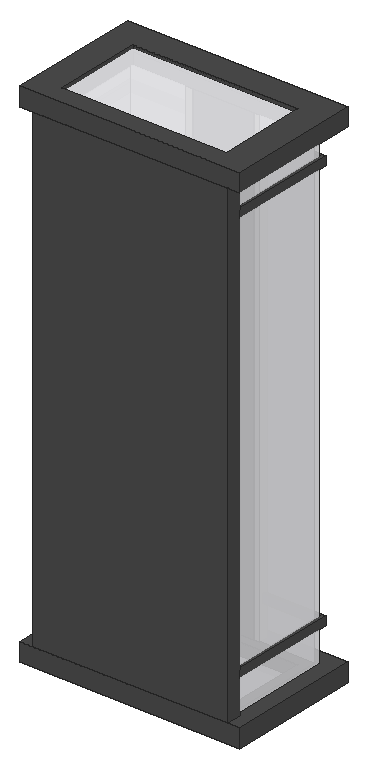
Revit family "TLI - Allegro W RND - Wall", category Lighting Fixtures, host Wall, Revit 2012
Parameters (values of type "Biax 4-Pin 2 -  39W - 177V")
  Width = 0' - 9"
  Wet Location [instance] = yes
  Watts = 78 W
  Wattage = 38.373 W
  built-in parameter 1150110 = 1 (stored number, unit not read)
  Voltage = 277 V
  URL = "http://teronlighting.com/"
  built-in parameter 1114217 = 0.81 (stored number, unit not read)
  Tilt Angle = 0.00°
  built-in parameter 1150109 = 1 (stored number, unit not read)
  built-in parameter 1150134 = (empty or 0)
  Tamper Resistant Screws [instance] = no
  built-in parameter 1150113 = 1 (stored number, unit not read)
  Requires Special Disposal = no
  Remote Battery = no
  Product Page URL = "http://teronlighting.com/products/allegro-rnd/"
  Product Documentation URL = "http://teronlighting.com/wp-content/uploads/Allegro-W-RND.pdf"
  Product = "Allegro W RND"
  Point of Final Manufacture = "Fairfield, OH, USA"
  Photometric Web File = "generic.ies"
  Percentage Pre-Consumer = 0
  Percentage Post-Consumer = 0
  Number of Lamps = 2
  built-in parameter 1150142 = (empty or 0)
  Multi-Tap Ballast [instance] = no
  Mounting Type = "4\" Junction Box"
  Model = "ALLW - RND - F239E"
  MasterFormat 2004 Title = "Exterior Lighting"
  MasterFormat 2004 Number = "26.56.00"
  Manufacturer Telephone = "01-513-858-6004"
  Manufacturer Email = "sales@teronlight.com"
  Manufacturer Address = "33 Donald Drive Fairfield, OH 45014"
  Manufacturer = "Teron Lighting"
  Lumens = 5700 lm
  built-in parameter 1150115 = 1 (stored number, unit not read)
  built-in parameter 1150105 = 453.59 (stored number, unit not read)
  built-in parameter 1150137 = (empty or 0)
  built-in parameter 1150139 = 0.81 (stored number, unit not read)
  Length = 1' - 9 1/8"
  built-in parameter 1150112 = 1 (stored number, unit not read)
  built-in parameter 1150114 = 1 (stored number, unit not read)
  Lamp Base = "4-Pin"
  Lamp = "2 - 39W BIAX"
  Integral Battery = no
  built-in parameter 1150132 = 2
  built-in parameter 1150102 = 3600
  built-in parameter 1150138 = 4100 (stored number, unit not read)
  built-in parameter 1150107 = 4100 (stored number, unit not read)
  Industry Standards = "Buy America Act"
  built-in parameter 1150106 = 4.5359 (stored number, unit not read)
  Fused [instance] = no
  Fixture Material = Paint - TLI - Textured Black
  Fixture = "Aluminum"
  Finish = "Textured Black"
  Fascia Material = Paint - TLI - Matte Silver
  Emergency Light Fixture [instance] = no
  Electronic Ballast [instance] = yes
  built-in parameter 1150104 = 13.8 (stored number, unit not read)
  Distributor Locations = "USA, Canada, Puerto Rico"
  Dimming Lamp Color Temperature Shift = <None>
  Dimming Ballast [instance] = no
  Diffuser Material = Acrylic - TLI - Luminous White
  Diffuser = "Luminous White Acrylic"
  Description = "Architectectural Outdoor"
  Depth = 0' - 5 1/2"
  Date Created = "7.2.2012"
  Created By = "RenderSpec  http://rederspec.com"
  Cost = 0
  Conditions of Use = "Elements are representations. Color and detail may differ from actual product. Information is for general use and should be reviewed by a Professional."
  Color Filter = 16777215
  built-in parameter 1114218 = 1 (stored number, unit not read)
  built-in parameter 1150133 = 10 (stored number, unit not read)
  Apparent Load = 78 VA
  Amps = 1
  ADA Compliant = no
Types (6): name | Watts | Wattage | Voltage | Number of Lamps | Model | Lumens | built-in parameter 1150105 | Lamp | built-in parameter 1150106 | Apparent Load
  Biax 4-Pin 2 -  27W - 120V | 54 W | 24.2356 W | 120 V | 2 | "ALLW - RND - F227E" | 3600 lm | 286.48 (stored number, unit not read) | "2 - 27W BIAX" | 2.8648 (stored number, unit not read) | 54 VA
  Biax 4-Pin 2 -  27W - 277V | 54 W | 24.2356 W | 277 V | 2 | "ALLW - RND - F227E" | 3600 lm | 286.48 (stored number, unit not read) | "2 - 27W BIAX" | 2.8648 (stored number, unit not read) | 54 VA
  Biax 4-Pin 1 -  39W - 120V | 39 W | 19.1865 W | 120 V | 1 | "ALLW - RND - F139E" | 2850 lm | 226.8 (stored number, unit not read) | "1 - 39W BIAX" | 2.268 (stored number, unit not read) | 39 VA
  Biax 4-Pin 1 -  39W - 277V | 39 W | 19.1865 W | 277 V | 1 | "ALLW - RND - F139E" | 2850 lm | 226.8 (stored number, unit not read) | "1 - 39W BIAX" | 2.268 (stored number, unit not read) | 39 VA
  Biax 4-Pin 2 -  39W - 120V | 78 W | 38.373 W | 120 V | 2 | "ALLW - RND - F239E" | 5700 lm | 453.59 (stored number, unit not read) | "2 - 39W BIAX" | 4.5359 (stored number, unit not read) | 78 VA
  Biax 4-Pin 2 -  39W - 177V | 78 W | 38.373 W | 277 V | 2 | "ALLW - RND - F239E" | 5700 lm | 453.59 (stored number, unit not read) | "2 - 39W BIAX" | 4.5359 (stored number, unit not read) | 78 VA
Reference planes (in)
  plane 1: y = 0
  plane 2 "Light Source Axis (F/B)": y = 4
  plane 3 "Light Source Axis (L/R)": x = -1.43133
  plane 4 "Light Source Elevation": z = 60.03469
Text (in)
  text "Placement Side" at (0, 40.15149, 117.0711), in view "Right"
  text "Placement Side" at (-70.3804, 28.46503, 0), in view "Ref. Level"
  text "Placement Side" at (0, 47.49176, 118.91627), in view "Left"
Dimensions and locks (in)
  locked: plane 2 "Light Source Axis (F/B)" to host wall at 1
  locked: nested 2 to plane 2 "Light Source Axis (F/B)" at 1
  aligned and locked: plane 3 "Light Source Axis (L/R)" to imposter light
  aligned and locked: plane 2 "Light Source Axis (F/B)" to imposter light
  aligned and locked: plane 4 "Light Source Elevation" to imposter light
  aligned and locked: nested 1 to plane 3 "Light Source Axis (L/R)"
  aligned and locked: nested 1 to host wall
Nested families (in)
  nested 1: "Wall Mounted Light Fixture" at (-1.43133, 3, 0), Emergency Light Fixture <- "Emergency Light Fixture", type "Wall Mounted Light Fixture"
    with Emergency Light Fixture no
  nested 2: "TLI - Allegro W RND" at (-1.43133, 3, 60.03469), type "TLI - Allegro W RND"
Connectors (in)
  electrical at (-1.43133, 3, 60.03469), driven by "Apparent Load", driven by "Voltage"
    settings: on nested 2, index 1, voltage 277 V, apparent load 78 VA, apparent load phase1 0 VA, apparent load phase2 0 VA, apparent load phase3 0 VA, power factor 1, load classification "Other", number of poles 1, system type 30, power factor state 1, is connector primary yes, connector utility no, sub classification motor no, connector description ""
Definition of nested family "TLI - Allegro W RND"
  Parameters (values of type "TLI - Allegro W RND")
    Fixture Material = Paint - TLI - Textured Black
    Fascia Material = Paint - TLI - Matte Silver
    Diffuser Material = Acrylic - TLI - Luminous White
  Reference planes (in)
    plane 1 "Center (Front/Back)": y = 0
    plane 2: z = 0
    plane 3 "Center (Left/Right)": x = 0
  Forms (in)
    Extrusion 1, solid, material "Paint - TLI - Textured Black" <- "Fixture Material"
      sketch origin (0, 0, -10.5625) x (-1, 0, 0) y (0, -1, 0)
        loop
          line (-4.5, -5.5) -> (4.5, -5.5) -> (4.5, 0) -> (-4.5, 0) -> (-4.5, -5.5)
        loop
          line (-3.375, -0.75) -> (-3.375, -4.375) -> (3.375, -4.375) -> (3.375, -0.75) -> (-3.375, -0.75)
      from 0 to 0.75
    Extrusion 2, solid, material "Paint - TLI - Textured Black" <- "Fixture Material"
      sketch origin (0, 0, 9.8125) x (-1, 0, 0) y (0, -1, 0)
        loop
          line (-4.5, -5.5) -> (4.5, -5.5) -> (4.5, 0) -> (-4.5, 0) -> (-4.5, -5.5)
        loop
          line (-3.375, -0.75) -> (-3.375, -4.375) -> (3.375, -4.375) -> (3.375, -0.75) -> (-3.375, -0.75)
      from 0 to 0.75
    Extrusion 3, solid, material "Acrylic - TLI - Luminous White" <- "Diffuser Material"
      sketch origin (0, 0, 10.3125) x (-1, 0, 0) y (0, -1, 0)
        loop
          line (-3.375, -4.375) -> (3.375, -4.375) -> (3.375, -0.75) -> (-3.375, -0.75) -> (-3.375, -4.375)
      from 0 to 0.125
    Extrusion 4, solid, material "Acrylic - TLI - Luminous White" <- "Diffuser Material"
      sketch origin (0, 0, -10.4375) x (-1, 0, 0) y (0, -1, 0)
        loop
          line (-3.375, -4.375) -> (3.375, -4.375) -> (3.375, -0.75) -> (-3.375, -0.75) -> (-3.375, -4.375)
      from 0 to 0.125
    Extrusion 5, solid, material "Acrylic - TLI - Luminous White" <- "Diffuser Material"
      sketch origin (0, 0, -10.5625) x (-1, 0, 0) y (0, -1, 0)
        loop
          line (-3.875, -0.625) -> (-3.875, -4.875) -> (-1.5, -4.875) -> (-1.5, -4.75) -> (-3.75, -4.75) -> (-3.75, -0.625) -> (-3.875, -0.625)
      from 0.75 to 20.375
    Extrusion 6, solid, material "Paint - TLI - Matte Silver" <- "Fascia Material"
      sketch origin (0.0625, -0.25, -10.5625) x (-1, 0, 0) y (0, -1, 0)
        loop
          line (-1.4375, -5) -> (-1.4375, -5.375) -> (-1.1875, -5.375) -> (-1.1875, -5) -> (-1.4375, -5)
      from 0.75 to 20.375
    Extrusion 7, solid, material "Paint - TLI - Matte Silver" <- "Fascia Material"
      sketch origin (-2.6875, -0.25, -10.5625) x (-1, 0, 0) y (0, -1, 0)
        loop
          line (-1.4375, -5) -> (-1.4375, -5.375) -> (-1.1875, -5.375) -> (-1.1875, -5) -> (-1.4375, -5)
      from 0.75 to 20.375
    Extrusion 8, solid, material "Acrylic - TLI - Luminous White" <- "Diffuser Material"
      sketch origin (0, 0, -10.5625) x (1, 0, 0) y (0, 1, 0)
        loop
          line (-3.875, 0.625) -> (-3.75, 0.625) -> (-3.75, 4.75) -> (-1.5, 4.75) -> (-1.5, 4.875) -> (-3.875, 4.875) -> (-3.875, 0.625)
      from 0.75 to 20.375
    Extrusion 9, solid, material "Paint - TLI - Textured Black" <- "Fixture Material"
      sketch origin (0, 0, -8.4375) x (-1, 0, 0) y (0, -1, 0)
        loop
          line (-3.875, -0.625) -> (-4, -0.625) -> (-4, -5) -> (-1.5, -5) -> (-1.5, -4.875) -> (-3.875, -4.875) -> (-3.875, -0.625)
      from 0 to 0.375
    Extrusion 10, solid, material "Paint - TLI - Textured Black" <- "Fixture Material"
      sketch origin (0, 0, 8.4375) x (0, 1, 0) y (-1, 0, 0)
        loop
          line (0.625, -3.875) -> (0.625, -4) -> (5, -4) -> (5, -1.5) -> (4.875, -1.5) -> (4.875, -3.875) -> (0.625, -3.875)
      from 0 to 0.375
    Extrusion 11, solid, material "Paint - TLI - Textured Black" <- "Fixture Material"
      sketch origin (0, 0, -8.4375) x (1, 0, 0) y (0, 1, 0)
        loop
          line (-3.875, 0.625) -> (-3.875, 4.875) -> (-1.5, 4.875) -> (-1.5, 5) -> (-4, 5) -> (-4, 0.625) -> (-3.875, 0.625)
      from 0 to 0.375
    Extrusion 12, solid, material "Paint - TLI - Textured Black" <- "Fixture Material"
      sketch origin (0, 0, 8.4375) x (0, -1, 0) y (1, 0, 0)
        loop
          line (-0.625, -3.875) -> (-4.875, -3.875) -> (-4.875, -1.5) -> (-5, -1.5) -> (-5, -4) -> (-0.625, -4) -> (-0.625, -3.875)
      from 0 to 0.375
    Extrusion 13, solid, material "Paint - TLI - Textured Black" <- "Fixture Material"
      sketch origin (0, 0, 0) x (-1, 0, 0) y (0, -1, 0)
        loop
          line (-4, 0) -> (-4, -0.625) -> (4, -0.625) -> (4, 0) -> (-4, 0)
      from -9.8125 to 9.8125
    Extrusion 14, solid, material "Paint - TLI - Matte Silver" <- "Fascia Material"
      sketch origin (-1.25, 4.9375, -10.5625) x (-1, 0, 0) y (0, 0, -1)
        loop
          line (-2.5, -20.375) -> (-2.39638, -20.375)
          arc (-2.39638, -20.375) -> (-2.125, -19.90755) -> (-1.85362, -20.375) r 0.3125
          line (-1.85362, -20.375) -> (-1.52138, -20.375)
          arc (-1.52138, -20.375) -> (-1.25, -19.90755) -> (-0.97862, -20.375) r 0.3125
          line (-0.97862, -20.375) -> (-0.64638, -20.375)
          arc (-0.64638, -20.375) -> (-0.375, -19.90755) -> (-0.10362, -20.375) r 0.3125
          line (-0.10362, -20.375) -> (0, -20.375) -> (0, -0.75) -> (-2.5, -0.75) -> (-2.5, -20.375)
        loop
          circle (-2.125, -1.22855) r 0.3125
        loop
          circle (-1.25, -1.22855) r 0.3125
        loop
          circle (-0.375, -1.22855) r 0.3125
        loop
          circle (-2.125, -2.0918) r 0.3125
        loop
          circle (-1.25, -2.0918) r 0.3125
        loop
          circle (-0.375, -2.0918) r 0.3125
        loop
          circle (-2.125, -2.95505) r 0.3125
        loop
          circle (-1.25, -2.95505) r 0.3125
        loop
          circle (-0.375, -2.95505) r 0.3125
        loop
          circle (-2.125, -3.8183) r 0.3125
        loop
          circle (-1.25, -3.8183) r 0.3125
        loop
          circle (-0.375, -3.8183) r 0.3125
        loop
          circle (-2.125, -4.68155) r 0.3125
        loop
          circle (-1.25, -4.68155) r 0.3125
        loop
          circle (-0.375, -4.68155) r 0.3125
        loop
          circle (-2.125, -5.5448) r 0.3125
        loop
          circle (-1.25, -5.5448) r 0.3125
        loop
          circle (-0.375, -5.5448) r 0.3125
        loop
          circle (-2.125, -6.40805) r 0.3125
        loop
          circle (-1.25, -6.40805) r 0.3125
        loop
          circle (-0.375, -6.40805) r 0.3125
        loop
          circle (-2.125, -7.2713) r 0.3125
        loop
          circle (-1.25, -7.2713) r 0.3125
        loop
          circle (-0.375, -7.2713) r 0.3125
        loop
          circle (-2.125, -8.13455) r 0.3125
        loop
          circle (-1.25, -8.13455) r 0.3125
        loop
          circle (-0.375, -8.13455) r 0.3125
        loop
          circle (-2.125, -8.9978) r 0.3125
        loop
          circle (-1.25, -8.9978) r 0.3125
        loop
          circle (-0.375, -8.9978) r 0.3125
        loop
          circle (-2.125, -9.86105) r 0.3125
        loop
          circle (-1.25, -9.86105) r 0.3125
        loop
          circle (-0.375, -9.86105) r 0.3125
        loop
          circle (-2.125, -10.69728) r 0.3125
        loop
          circle (-1.25, -10.69728) r 0.3125
        loop
          circle (-0.375, -10.69728) r 0.3125
        loop
          circle (-2.125, -11.58755) r 0.3125
        loop
          circle (-1.25, -11.58755) r 0.3125
        loop
          circle (-0.375, -11.58755) r 0.3125
        loop
          circle (-2.125, -19.3568) r 0.3125
        loop
          circle (-1.25, -19.3568) r 0.3125
        loop
          circle (-0.375, -19.3568) r 0.3125
        loop
          circle (-2.125, -18.49355) r 0.3125
        loop
          circle (-1.25, -18.49355) r 0.3125
        loop
          circle (-0.375, -18.49355) r 0.3125
        loop
          circle (-2.125, -12.4508) r 0.3125
        loop
          circle (-1.25, -12.4508) r 0.3125
        loop
          circle (-0.375, -12.4508) r 0.3125
        loop
          circle (-2.125, -13.31405) r 0.3125
        loop
          circle (-1.25, -13.31405) r 0.3125
        loop
          circle (-0.375, -13.31405) r 0.3125
        loop
          circle (-2.125, -14.1773) r 0.3125
        loop
          circle (-1.25, -14.1773) r 0.3125
        loop
          circle (-0.375, -14.1773) r 0.3125
        loop
          circle (-2.125, -15.04055) r 0.3125
        loop
          circle (-1.25, -15.04055) r 0.3125
        loop
          circle (-0.375, -15.04055) r 0.3125
        loop
          circle (-2.125, -15.9038) r 0.3125
        loop
          circle (-1.25, -15.9038) r 0.3125
        loop
          circle (-0.375, -15.9038) r 0.3125
        loop
          circle (-2.125, -16.76705) r 0.3125
        loop
          circle (-1.25, -16.76705) r 0.3125
        loop
          circle (-0.375, -16.76705) r 0.3125
        loop
          circle (-2.125, -17.6303) r 0.3125
        loop
          circle (-1.25, -17.6303) r 0.3125
        loop
          circle (-0.375, -17.6303) r 0.3125
      from 0 to 0.0625
    Extrusion 15, solid, material "Paint - TLI - Textured Black" <- "Fixture Material"
      sketch origin (0, -0.25, -10.5625) x (-1, 0, 0) y (0, -1, 0)
        loop
          line (-1.25, -5) -> (-1.25, -5.125) -> (1.25, -5.125) -> (1.25, -5) -> (-1.25, -5)
      from 0.75 to 20.375
  Dimensions and locks (in)
    aligned and locked: plane 2 to level
    aligned and locked: Extrusion 9 to Extrusion 5
Definition of nested family "Wall Mounted Light Fixture"
  Parameters (values of type "Wall Mounted Light Fixture")
    Emergency Light Fixture [instance] = no
  Reference planes (in)
    plane 1: y = 0
    plane 2: x = 0
  Lines and regions (in)
    detail lines, built-in parameter 1006310 <- "Emergency Light Fixture"
      curve 1: circle (0, 0.125, 0) r 0.0625 normal (0, 0, 1)
    detail lines
      curve 2: line (-0.0625, 0, 0) -> (0.0625, 0, 0)
      curve 3: line (0, 0, 0) -> (0, 0.0625, 0)
